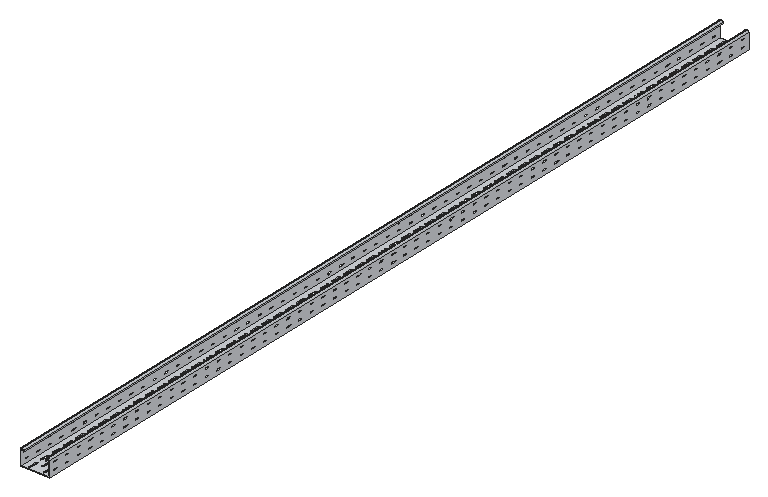
Revit family "Kabelrinne_610_FT_FS_A2_A4_FTSO", category Generic Models, Revit 2017 (continued)
Forms (mm)
  Extrusion 263, void
    sketch origin (0, -850, 0) x (1, 0, 0) y (0, 1, 0)
      loop
        arc (-3.5, -62.5) -> (0, -66) -> (3.5, -62.5) r 3.5
        line (3.5, -62.5) -> (3.5, -37.5)
        arc (3.5, -37.5) -> (0, -34) -> (-3.5, -37.5) r 3.5
        line (-3.5, -37.5) -> (-3.5, -62.5)
    from 1.5 to 0
  Extrusion 264, void
    sketch origin (0, -900, 0) x (1, 0, 0) y (0, 1, 0)
      loop
        arc (-3.5, -62.5) -> (0, -66) -> (3.5, -62.5) r 3.5
        line (3.5, -62.5) -> (3.5, -37.5)
        arc (3.5, -37.5) -> (0, -34) -> (-3.5, -37.5) r 3.5
        line (-3.5, -37.5) -> (-3.5, -62.5)
    from 1.5 to 0
  Extrusion 265, void
    sketch origin (0, -950, 0) x (1, 0, 0) y (0, 1, 0)
      loop
        arc (-3.5, -62.5) -> (0, -66) -> (3.5, -62.5) r 3.5
        line (3.5, -62.5) -> (3.5, -37.5)
        arc (3.5, -37.5) -> (0, -34) -> (-3.5, -37.5) r 3.5
        line (-3.5, -37.5) -> (-3.5, -62.5)
    from 1.5 to 0
  Extrusion 266, void
    sketch origin (0, -1000, 0) x (1, 0, 0) y (0, 1, 0)
      loop
        arc (-3.5, -62.5) -> (0, -66) -> (3.5, -62.5) r 3.5
        line (3.5, -62.5) -> (3.5, -37.5)
        arc (3.5, -37.5) -> (0, -34) -> (-3.5, -37.5) r 3.5
        line (-3.5, -37.5) -> (-3.5, -62.5)
    from 1.5 to 0
  Extrusion 267, void
    sketch origin (0, -1050, 0) x (1, 0, 0) y (0, 1, 0)
      loop
        arc (-3.5, -62.5) -> (0, -66) -> (3.5, -62.5) r 3.5
        line (3.5, -62.5) -> (3.5, -37.5)
        arc (3.5, -37.5) -> (0, -34) -> (-3.5, -37.5) r 3.5
        line (-3.5, -37.5) -> (-3.5, -62.5)
    from 1.5 to 0
  Extrusion 268, void
    sketch origin (0, -1100, 0) x (1, 0, 0) y (0, 1, 0)
      loop
        arc (-3.5, -62.5) -> (0, -66) -> (3.5, -62.5) r 3.5
        line (3.5, -62.5) -> (3.5, -37.5)
        arc (3.5, -37.5) -> (0, -34) -> (-3.5, -37.5) r 3.5
        line (-3.5, -37.5) -> (-3.5, -62.5)
    from 1.5 to 0
  Extrusion 269, void
    sketch origin (0, -1150, 0) x (1, 0, 0) y (0, 1, 0)
      loop
        arc (-3.5, -62.5) -> (0, -66) -> (3.5, -62.5) r 3.5
        line (3.5, -62.5) -> (3.5, -37.5)
        arc (3.5, -37.5) -> (0, -34) -> (-3.5, -37.5) r 3.5
        line (-3.5, -37.5) -> (-3.5, -62.5)
    from 1.5 to 0
  Extrusion 270, void
    sketch origin (0, -1200, 0) x (1, 0, 0) y (0, 1, 0)
      loop
        arc (-3.5, -62.5) -> (0, -66) -> (3.5, -62.5) r 3.5
        line (3.5, -62.5) -> (3.5, -37.5)
        arc (3.5, -37.5) -> (0, -34) -> (-3.5, -37.5) r 3.5
        line (-3.5, -37.5) -> (-3.5, -62.5)
    from 1.5 to 0
  Extrusion 271, void
    sketch origin (0, -1250, 0) x (1, 0, 0) y (0, 1, 0)
      loop
        arc (-3.5, -62.5) -> (0, -66) -> (3.5, -62.5) r 3.5
        line (3.5, -62.5) -> (3.5, -37.5)
        arc (3.5, -37.5) -> (0, -34) -> (-3.5, -37.5) r 3.5
        line (-3.5, -37.5) -> (-3.5, -62.5)
    from 1.5 to 0
  Extrusion 272, void
    sketch origin (0, -1300, 0) x (1, 0, 0) y (0, 1, 0)
      loop
        arc (-3.5, -62.5) -> (0, -66) -> (3.5, -62.5) r 3.5
        line (3.5, -62.5) -> (3.5, -37.5)
        arc (3.5, -37.5) -> (0, -34) -> (-3.5, -37.5) r 3.5
        line (-3.5, -37.5) -> (-3.5, -62.5)
    from 1.5 to 0
  Extrusion 273, void
    sketch origin (0, -1350, 0) x (1, 0, 0) y (0, 1, 0)
      loop
        arc (-3.5, -62.5) -> (0, -66) -> (3.5, -62.5) r 3.5
        line (3.5, -62.5) -> (3.5, -37.5)
        arc (3.5, -37.5) -> (0, -34) -> (-3.5, -37.5) r 3.5
        line (-3.5, -37.5) -> (-3.5, -62.5)
    from 1.5 to 0
  Extrusion 274, void
    sketch origin (0, -1400, 0) x (1, 0, 0) y (0, 1, 0)
      loop
        arc (-3.5, -62.5) -> (0, -66) -> (3.5, -62.5) r 3.5
        line (3.5, -62.5) -> (3.5, -37.5)
        arc (3.5, -37.5) -> (0, -34) -> (-3.5, -37.5) r 3.5
        line (-3.5, -37.5) -> (-3.5, -62.5)
    from 1.5 to 0
  Extrusion 275, void
    sketch origin (0, -1450, 0) x (1, 0, 0) y (0, 1, 0)
      loop
        arc (-3.5, -62.5) -> (0, -66) -> (3.5, -62.5) r 3.5
        line (3.5, -62.5) -> (3.5, -37.5)
        arc (3.5, -37.5) -> (0, -34) -> (-3.5, -37.5) r 3.5
        line (-3.5, -37.5) -> (-3.5, -62.5)
    from 1.5 to 0
  Extrusion 276, void
    sketch origin (0, -1500, 0) x (1, 0, 0) y (0, 1, 0)
      loop
        arc (-3.5, -62.5) -> (0, -66) -> (3.5, -62.5) r 3.5
        line (3.5, -62.5) -> (3.5, -37.5)
        arc (3.5, -37.5) -> (0, -34) -> (-3.5, -37.5) r 3.5
        line (-3.5, -37.5) -> (-3.5, -62.5)
    from 1.5 to 0
  Extrusion 277, void
    sketch origin (0, -1550, 0) x (1, 0, 0) y (0, 1, 0)
      loop
        arc (-3.5, -62.5) -> (0, -66) -> (3.5, -62.5) r 3.5
        line (3.5, -62.5) -> (3.5, -37.5)
        arc (3.5, -37.5) -> (0, -34) -> (-3.5, -37.5) r 3.5
        line (-3.5, -37.5) -> (-3.5, -62.5)
    from 1.5 to 0
  Extrusion 278, void
    sketch origin (0, -1600, 0) x (1, 0, 0) y (0, 1, 0)
      loop
        arc (-3.5, -62.5) -> (0, -66) -> (3.5, -62.5) r 3.5
        line (3.5, -62.5) -> (3.5, -37.5)
        arc (3.5, -37.5) -> (0, -34) -> (-3.5, -37.5) r 3.5
        line (-3.5, -37.5) -> (-3.5, -62.5)
    from 1.5 to 0
  Extrusion 279, void
    sketch origin (0, -1650, 0) x (1, 0, 0) y (0, 1, 0)
      loop
        arc (-3.5, -62.5) -> (0, -66) -> (3.5, -62.5) r 3.5
        line (3.5, -62.5) -> (3.5, -37.5)
        arc (3.5, -37.5) -> (0, -34) -> (-3.5, -37.5) r 3.5
        line (-3.5, -37.5) -> (-3.5, -62.5)
    from 1.5 to 0
  Extrusion 280, void
    sketch origin (0, -1700, 0) x (1, 0, 0) y (0, 1, 0)
      loop
        arc (-3.5, -62.5) -> (0, -66) -> (3.5, -62.5) r 3.5
        line (3.5, -62.5) -> (3.5, -37.5)
        arc (3.5, -37.5) -> (0, -34) -> (-3.5, -37.5) r 3.5
        line (-3.5, -37.5) -> (-3.5, -62.5)
    from 1.5 to 0
  Extrusion 281, void
    sketch origin (0, -1750, 0) x (1, 0, 0) y (0, 1, 0)
      loop
        arc (-3.5, -62.5) -> (0, -66) -> (3.5, -62.5) r 3.5
        line (3.5, -62.5) -> (3.5, -37.5)
        arc (3.5, -37.5) -> (0, -34) -> (-3.5, -37.5) r 3.5
        line (-3.5, -37.5) -> (-3.5, -62.5)
    from 1.5 to 0
  Extrusion 282, void
    sketch origin (0, -1800, 0) x (1, 0, 0) y (0, 1, 0)
      loop
        arc (-3.5, -62.5) -> (0, -66) -> (3.5, -62.5) r 3.5
        line (3.5, -62.5) -> (3.5, -37.5)
        arc (3.5, -37.5) -> (0, -34) -> (-3.5, -37.5) r 3.5
        line (-3.5, -37.5) -> (-3.5, -62.5)
    from 1.5 to 0
  Extrusion 283, void
    sketch origin (0, -1850, 0) x (1, 0, 0) y (0, 1, 0)
      loop
        arc (-3.5, -62.5) -> (0, -66) -> (3.5, -62.5) r 3.5
        line (3.5, -62.5) -> (3.5, -37.5)
        arc (3.5, -37.5) -> (0, -34) -> (-3.5, -37.5) r 3.5
        line (-3.5, -37.5) -> (-3.5, -62.5)
    from 1.5 to 0
  Extrusion 284, void
    sketch origin (0, -1900, 0) x (1, 0, 0) y (0, 1, 0)
      loop
        arc (-3.5, -62.5) -> (0, -66) -> (3.5, -62.5) r 3.5
        line (3.5, -62.5) -> (3.5, -37.5)
        arc (3.5, -37.5) -> (0, -34) -> (-3.5, -37.5) r 3.5
        line (-3.5, -37.5) -> (-3.5, -62.5)
    from 1.5 to 0
  Extrusion 285, void
    sketch origin (0, -1950, 0) x (1, 0, 0) y (0, 1, 0)
      loop
        arc (-3.5, -62.5) -> (0, -66) -> (3.5, -62.5) r 3.5
        line (3.5, -62.5) -> (3.5, -37.5)
        arc (3.5, -37.5) -> (0, -34) -> (-3.5, -37.5) r 3.5
        line (-3.5, -37.5) -> (-3.5, -62.5)
    from 1.5 to 0
  Extrusion 286, void
    sketch origin (0, -2000, 0) x (1, 0, 0) y (0, 1, 0)
      loop
        arc (-3.5, -62.5) -> (0, -66) -> (3.5, -62.5) r 3.5
        line (3.5, -62.5) -> (3.5, -37.5)
        arc (3.5, -37.5) -> (0, -34) -> (-3.5, -37.5) r 3.5
        line (-3.5, -37.5) -> (-3.5, -62.5)
    from 1.5 to 0
  Extrusion 287, void
    sketch origin (0, -2050, 0) x (1, 0, 0) y (0, 1, 0)
      loop
        arc (-3.5, -62.5) -> (0, -66) -> (3.5, -62.5) r 3.5
        line (3.5, -62.5) -> (3.5, -37.5)
        arc (3.5, -37.5) -> (0, -34) -> (-3.5, -37.5) r 3.5
        line (-3.5, -37.5) -> (-3.5, -62.5)
    from 1.5 to 0
  Extrusion 288, void
    sketch origin (0, -2100, 0) x (1, 0, 0) y (0, 1, 0)
      loop
        arc (-3.5, -62.5) -> (0, -66) -> (3.5, -62.5) r 3.5
        line (3.5, -62.5) -> (3.5, -37.5)
        arc (3.5, -37.5) -> (0, -34) -> (-3.5, -37.5) r 3.5
        line (-3.5, -37.5) -> (-3.5, -62.5)
    from 1.5 to 0
  Extrusion 289, void
    sketch origin (0, -2150, 0) x (1, 0, 0) y (0, 1, 0)
      loop
        arc (-3.5, -62.5) -> (0, -66) -> (3.5, -62.5) r 3.5
        line (3.5, -62.5) -> (3.5, -37.5)
        arc (3.5, -37.5) -> (0, -34) -> (-3.5, -37.5) r 3.5
        line (-3.5, -37.5) -> (-3.5, -62.5)
    from 1.5 to 0
  Extrusion 290, void
    sketch origin (0, -2200, 0) x (1, 0, 0) y (0, 1, 0)
      loop
        arc (-3.5, -62.5) -> (0, -66) -> (3.5, -62.5) r 3.5
        line (3.5, -62.5) -> (3.5, -37.5)
        arc (3.5, -37.5) -> (0, -34) -> (-3.5, -37.5) r 3.5
        line (-3.5, -37.5) -> (-3.5, -62.5)
    from 1.5 to 0
  Extrusion 291, void
    sketch origin (0, -2250, 0) x (1, 0, 0) y (0, 1, 0)
      loop
        arc (-3.5, -62.5) -> (0, -66) -> (3.5, -62.5) r 3.5
        line (3.5, -62.5) -> (3.5, -37.5)
        arc (3.5, -37.5) -> (0, -34) -> (-3.5, -37.5) r 3.5
        line (-3.5, -37.5) -> (-3.5, -62.5)
    from 1.5 to 0
  Extrusion 292, void
    sketch origin (0, -2300, 0) x (1, 0, 0) y (0, 1, 0)
      loop
        arc (-3.5, -62.5) -> (0, -66) -> (3.5, -62.5) r 3.5
        line (3.5, -62.5) -> (3.5, -37.5)
        arc (3.5, -37.5) -> (0, -34) -> (-3.5, -37.5) r 3.5
        line (-3.5, -37.5) -> (-3.5, -62.5)
    from 1.5 to 0
  Extrusion 293, void
    sketch origin (0, -2350, 0) x (1, 0, 0) y (0, 1, 0)
      loop
        arc (-3.5, -62.5) -> (0, -66) -> (3.5, -62.5) r 3.5
        line (3.5, -62.5) -> (3.5, -37.5)
        arc (3.5, -37.5) -> (0, -34) -> (-3.5, -37.5) r 3.5
        line (-3.5, -37.5) -> (-3.5, -62.5)
    from 1.5 to 0
  Extrusion 294, void
    sketch origin (0, -2400, 0) x (1, 0, 0) y (0, 1, 0)
      loop
        arc (-3.5, -62.5) -> (0, -66) -> (3.5, -62.5) r 3.5
        line (3.5, -62.5) -> (3.5, -37.5)
        arc (3.5, -37.5) -> (0, -34) -> (-3.5, -37.5) r 3.5
        line (-3.5, -37.5) -> (-3.5, -62.5)
    from 1.5 to 0
  Extrusion 295, void
    sketch origin (0, -2450, 0) x (1, 0, 0) y (0, 1, 0)
      loop
        arc (-3.5, -62.5) -> (0, -66) -> (3.5, -62.5) r 3.5
        line (3.5, -62.5) -> (3.5, -37.5)
        arc (3.5, -37.5) -> (0, -34) -> (-3.5, -37.5) r 3.5
        line (-3.5, -37.5) -> (-3.5, -62.5)
    from 1.5 to 0
  Extrusion 296, void
    sketch origin (0, -2500, 0) x (1, 0, 0) y (0, 1, 0)
      loop
        arc (-3.5, -62.5) -> (0, -66) -> (3.5, -62.5) r 3.5
        line (3.5, -62.5) -> (3.5, -37.5)
        arc (3.5, -37.5) -> (0, -34) -> (-3.5, -37.5) r 3.5
        line (-3.5, -37.5) -> (-3.5, -62.5)
    from 1.5 to 0
  Extrusion 297, void
    sketch origin (0, -2550, 0) x (1, 0, 0) y (0, 1, 0)
      loop
        arc (-3.5, -62.5) -> (0, -66) -> (3.5, -62.5) r 3.5
        line (3.5, -62.5) -> (3.5, -37.5)
        arc (3.5, -37.5) -> (0, -34) -> (-3.5, -37.5) r 3.5
        line (-3.5, -37.5) -> (-3.5, -62.5)
    from 1.5 to 0
  Extrusion 298, void
    sketch origin (0, -2600, 0) x (1, 0, 0) y (0, 1, 0)
      loop
        arc (-3.5, -62.5) -> (0, -66) -> (3.5, -62.5) r 3.5
        line (3.5, -62.5) -> (3.5, -37.5)
        arc (3.5, -37.5) -> (0, -34) -> (-3.5, -37.5) r 3.5
        line (-3.5, -37.5) -> (-3.5, -62.5)
    from 1.5 to 0
  Extrusion 299, void
    sketch origin (0, -2650, 0) x (1, 0, 0) y (0, 1, 0)
      loop
        arc (-3.5, -62.5) -> (0, -66) -> (3.5, -62.5) r 3.5
        line (3.5, -62.5) -> (3.5, -37.5)
        arc (3.5, -37.5) -> (0, -34) -> (-3.5, -37.5) r 3.5
        line (-3.5, -37.5) -> (-3.5, -62.5)
    from 1.5 to 0
  Extrusion 300, void
    sketch origin (0, -2700, 0) x (1, 0, 0) y (0, 1, 0)
      loop
        arc (-3.5, -62.5) -> (0, -66) -> (3.5, -62.5) r 3.5
        line (3.5, -62.5) -> (3.5, -37.5)
        arc (3.5, -37.5) -> (0, -34) -> (-3.5, -37.5) r 3.5
        line (-3.5, -37.5) -> (-3.5, -62.5)
    from 1.5 to 0
  Extrusion 301, void
    sketch origin (0, -2750, 0) x (1, 0, 0) y (0, 1, 0)
      loop
        arc (-3.5, -62.5) -> (0, -66) -> (3.5, -62.5) r 3.5
        line (3.5, -62.5) -> (3.5, -37.5)
        arc (3.5, -37.5) -> (0, -34) -> (-3.5, -37.5) r 3.5
        line (-3.5, -37.5) -> (-3.5, -62.5)
    from 1.5 to 0
  Extrusion 302, void
    sketch origin (0, -2800, 0) x (1, 0, 0) y (0, 1, 0)
      loop
        arc (-3.5, -62.5) -> (0, -66) -> (3.5, -62.5) r 3.5
        line (3.5, -62.5) -> (3.5, -37.5)
        arc (3.5, -37.5) -> (0, -34) -> (-3.5, -37.5) r 3.5
        line (-3.5, -37.5) -> (-3.5, -62.5)
    from 1.5 to 0
  Extrusion 303, void
    sketch origin (0, -2850, 0) x (1, 0, 0) y (0, 1, 0)
      loop
        arc (-3.5, -62.5) -> (0, -66) -> (3.5, -62.5) r 3.5
        line (3.5, -62.5) -> (3.5, -37.5)
        arc (3.5, -37.5) -> (0, -34) -> (-3.5, -37.5) r 3.5
        line (-3.5, -37.5) -> (-3.5, -62.5)
    from 1.5 to 0
  Extrusion 304, void
    sketch origin (0, -2900, 0) x (1, 0, 0) y (0, 1, 0)
      loop
        arc (-3.5, -62.5) -> (0, -66) -> (3.5, -62.5) r 3.5
        line (3.5, -62.5) -> (3.5, -37.5)
        arc (3.5, -37.5) -> (0, -34) -> (-3.5, -37.5) r 3.5
        line (-3.5, -37.5) -> (-3.5, -62.5)
    from 1.5 to 0
  Extrusion 305, void
    sketch origin (0, 0, 0) x (1, 0, 0) y (0, 1, 0)
      loop
        arc (-28.5, -37.5) -> (-25, -41) -> (-21.5, -37.5) r 3.5
        line (-21.5, -37.5) -> (-21.5, -12.5)
        arc (-21.5, -12.5) -> (-25, -9) -> (-28.5, -12.5) r 3.5
        line (-28.5, -12.5) -> (-28.5, -37.5)
    from 0.015 to 1.5
  Extrusion 306, void
    sketch origin (50, 0, 0) x (1, 0, 0) y (0, 1, 0)
      loop
        arc (-28.5, -37.5) -> (-25, -41) -> (-21.5, -37.5) r 3.5
        line (-21.5, -37.5) -> (-21.5, -12.5)
        arc (-21.5, -12.5) -> (-25, -9) -> (-28.5, -12.5) r 3.5
        line (-28.5, -12.5) -> (-28.5, -37.5)
    from 0.015 to 1.5
  Extrusion 307, void, not visible
    sketch origin (0, 0, 0) x (1, 0, 0) y (0, 1, 0)
      loop
        arc (-28.5, -37.5) -> (-25, -41) -> (-21.5, -37.5) r 3.5
        line (-21.5, -37.5) -> (-21.5, -12.5)
        arc (-21.5, -12.5) -> (-25, -9) -> (-28.5, -12.5) r 3.5
        line (-28.5, -12.5) -> (-28.5, -37.5)
    from 0.015 to 1.5
  Extrusion 308, void
    sketch origin (0, -50, 0) x (1, 0, 0) y (0, 1, 0)
      loop
        arc (-28.5, -37.5) -> (-25, -41) -> (-21.5, -37.5) r 3.5
        line (-21.5, -37.5) -> (-21.5, -12.5)
        arc (-21.5, -12.5) -> (-25, -9) -> (-28.5, -12.5) r 3.5
        line (-28.5, -12.5) -> (-28.5, -37.5)
    from 0.015 to 1.5
  Extrusion 309, void
    sketch origin (50, -50, 0) x (1, 0, 0) y (0, 1, 0)
      loop
        arc (-28.5, -37.5) -> (-25, -41) -> (-21.5, -37.5) r 3.5
        line (-21.5, -37.5) -> (-21.5, -12.5)
        arc (-21.5, -12.5) -> (-25, -9) -> (-28.5, -12.5) r 3.5
        line (-28.5, -12.5) -> (-28.5, -37.5)
    from 0.015 to 1.5
  Extrusion 310, void
    sketch origin (0, -100, 0) x (1, 0, 0) y (0, 1, 0)
      loop
        arc (-28.5, -37.5) -> (-25, -41) -> (-21.5, -37.5) r 3.5
        line (-21.5, -37.5) -> (-21.5, -12.5)
        arc (-21.5, -12.5) -> (-25, -9) -> (-28.5, -12.5) r 3.5
        line (-28.5, -12.5) -> (-28.5, -37.5)
    from 0.015 to 1.5
  Extrusion 311, void
    sketch origin (50, -100, 0) x (1, 0, 0) y (0, 1, 0)
      loop
        arc (-28.5, -37.5) -> (-25, -41) -> (-21.5, -37.5) r 3.5
        line (-21.5, -37.5) -> (-21.5, -12.5)
        arc (-21.5, -12.5) -> (-25, -9) -> (-28.5, -12.5) r 3.5
        line (-28.5, -12.5) -> (-28.5, -37.5)
    from 0.015 to 1.5
  Extrusion 312, void
    sketch origin (0, -150, 0) x (1, 0, 0) y (0, 1, 0)
      loop
        arc (-28.5, -37.5) -> (-25, -41) -> (-21.5, -37.5) r 3.5
        line (-21.5, -37.5) -> (-21.5, -12.5)
        arc (-21.5, -12.5) -> (-25, -9) -> (-28.5, -12.5) r 3.5
        line (-28.5, -12.5) -> (-28.5, -37.5)
    from 0.015 to 1.5
  Extrusion 313, void
    sketch origin (50, -150, 0) x (1, 0, 0) y (0, 1, 0)
      loop
        arc (-28.5, -37.5) -> (-25, -41) -> (-21.5, -37.5) r 3.5
        line (-21.5, -37.5) -> (-21.5, -12.5)
        arc (-21.5, -12.5) -> (-25, -9) -> (-28.5, -12.5) r 3.5
        line (-28.5, -12.5) -> (-28.5, -37.5)
    from 0.015 to 1.5
  Extrusion 314, void
    sketch origin (0, -200, 0) x (1, 0, 0) y (0, 1, 0)
      loop
        arc (-28.5, -37.5) -> (-25, -41) -> (-21.5, -37.5) r 3.5
        line (-21.5, -37.5) -> (-21.5, -12.5)
        arc (-21.5, -12.5) -> (-25, -9) -> (-28.5, -12.5) r 3.5
        line (-28.5, -12.5) -> (-28.5, -37.5)
    from 0.015 to 1.5
  Extrusion 315, void
    sketch origin (50, -200, 0) x (1, 0, 0) y (0, 1, 0)
      loop
        arc (-28.5, -37.5) -> (-25, -41) -> (-21.5, -37.5) r 3.5
        line (-21.5, -37.5) -> (-21.5, -12.5)
        arc (-21.5, -12.5) -> (-25, -9) -> (-28.5, -12.5) r 3.5
        line (-28.5, -12.5) -> (-28.5, -37.5)
    from 0.015 to 1.5
  Extrusion 316, void
    sketch origin (0, -250, 0) x (1, 0, 0) y (0, 1, 0)
      loop
        arc (-28.5, -37.5) -> (-25, -41) -> (-21.5, -37.5) r 3.5
        line (-21.5, -37.5) -> (-21.5, -12.5)
        arc (-21.5, -12.5) -> (-25, -9) -> (-28.5, -12.5) r 3.5
        line (-28.5, -12.5) -> (-28.5, -37.5)
    from 0.015 to 1.5
  Extrusion 317, void
    sketch origin (50, -250, 0) x (1, 0, 0) y (0, 1, 0)
      loop
        arc (-28.5, -37.5) -> (-25, -41) -> (-21.5, -37.5) r 3.5
        line (-21.5, -37.5) -> (-21.5, -12.5)
        arc (-21.5, -12.5) -> (-25, -9) -> (-28.5, -12.5) r 3.5
        line (-28.5, -12.5) -> (-28.5, -37.5)
    from 0.015 to 1.5
  Extrusion 318, void
    sketch origin (0, -300, 0) x (1, 0, 0) y (0, 1, 0)
      loop
        arc (-28.5, -37.5) -> (-25, -41) -> (-21.5, -37.5) r 3.5
        line (-21.5, -37.5) -> (-21.5, -12.5)
        arc (-21.5, -12.5) -> (-25, -9) -> (-28.5, -12.5) r 3.5
        line (-28.5, -12.5) -> (-28.5, -37.5)
    from 0.015 to 1.5
  Extrusion 319, void
    sketch origin (50, -300, 0) x (1, 0, 0) y (0, 1, 0)
      loop
        arc (-28.5, -37.5) -> (-25, -41) -> (-21.5, -37.5) r 3.5
        line (-21.5, -37.5) -> (-21.5, -12.5)
        arc (-21.5, -12.5) -> (-25, -9) -> (-28.5, -12.5) r 3.5
        line (-28.5, -12.5) -> (-28.5, -37.5)
    from 0.015 to 1.5
  Extrusion 320, void
    sketch origin (0, -350, 0) x (1, 0, 0) y (0, 1, 0)
      loop
        arc (-28.5, -37.5) -> (-25, -41) -> (-21.5, -37.5) r 3.5
        line (-21.5, -37.5) -> (-21.5, -12.5)
        arc (-21.5, -12.5) -> (-25, -9) -> (-28.5, -12.5) r 3.5
        line (-28.5, -12.5) -> (-28.5, -37.5)
    from 0.015 to 1.5
  Extrusion 321, void
    sketch origin (50, -350, 0) x (1, 0, 0) y (0, 1, 0)
      loop
        arc (-28.5, -37.5) -> (-25, -41) -> (-21.5, -37.5) r 3.5
        line (-21.5, -37.5) -> (-21.5, -12.5)
        arc (-21.5, -12.5) -> (-25, -9) -> (-28.5, -12.5) r 3.5
        line (-28.5, -12.5) -> (-28.5, -37.5)
    from 0.015 to 1.5
  Extrusion 322, void
    sketch origin (0, -400, 0) x (1, 0, 0) y (0, 1, 0)
      loop
        arc (-28.5, -37.5) -> (-25, -41) -> (-21.5, -37.5) r 3.5
        line (-21.5, -37.5) -> (-21.5, -12.5)
        arc (-21.5, -12.5) -> (-25, -9) -> (-28.5, -12.5) r 3.5
        line (-28.5, -12.5) -> (-28.5, -37.5)
    from 0.015 to 1.5
  Extrusion 323, void
    sketch origin (50, -400, 0) x (1, 0, 0) y (0, 1, 0)
      loop
        arc (-28.5, -37.5) -> (-25, -41) -> (-21.5, -37.5) r 3.5
        line (-21.5, -37.5) -> (-21.5, -12.5)
        arc (-21.5, -12.5) -> (-25, -9) -> (-28.5, -12.5) r 3.5
        line (-28.5, -12.5) -> (-28.5, -37.5)
    from 0.015 to 1.5
  Extrusion 324, void
    sketch origin (0, -450, 0) x (1, 0, 0) y (0, 1, 0)
      loop
        arc (-28.5, -37.5) -> (-25, -41) -> (-21.5, -37.5) r 3.5
        line (-21.5, -37.5) -> (-21.5, -12.5)
        arc (-21.5, -12.5) -> (-25, -9) -> (-28.5, -12.5) r 3.5
        line (-28.5, -12.5) -> (-28.5, -37.5)
    from 0.015 to 1.5
  Extrusion 325, void
    sketch origin (50, -450, 0) x (1, 0, 0) y (0, 1, 0)
      loop
        arc (-28.5, -37.5) -> (-25, -41) -> (-21.5, -37.5) r 3.5
        line (-21.5, -37.5) -> (-21.5, -12.5)
        arc (-21.5, -12.5) -> (-25, -9) -> (-28.5, -12.5) r 3.5
        line (-28.5, -12.5) -> (-28.5, -37.5)
    from 0.015 to 1.5
  Extrusion 326, void
    sketch origin (0, -500, 0) x (1, 0, 0) y (0, 1, 0)
      loop
        arc (-28.5, -37.5) -> (-25, -41) -> (-21.5, -37.5) r 3.5
        line (-21.5, -37.5) -> (-21.5, -12.5)
        arc (-21.5, -12.5) -> (-25, -9) -> (-28.5, -12.5) r 3.5
        line (-28.5, -12.5) -> (-28.5, -37.5)
    from 0.015 to 1.5
  Extrusion 327, void
    sketch origin (50, -500, 0) x (1, 0, 0) y (0, 1, 0)
      loop
        arc (-28.5, -37.5) -> (-25, -41) -> (-21.5, -37.5) r 3.5
        line (-21.5, -37.5) -> (-21.5, -12.5)
        arc (-21.5, -12.5) -> (-25, -9) -> (-28.5, -12.5) r 3.5
        line (-28.5, -12.5) -> (-28.5, -37.5)
    from 0.015 to 1.5
  Extrusion 328, void
    sketch origin (0, -550, 0) x (1, 0, 0) y (0, 1, 0)
      loop
        arc (-28.5, -37.5) -> (-25, -41) -> (-21.5, -37.5) r 3.5
        line (-21.5, -37.5) -> (-21.5, -12.5)
        arc (-21.5, -12.5) -> (-25, -9) -> (-28.5, -12.5) r 3.5
        line (-28.5, -12.5) -> (-28.5, -37.5)
    from 0.015 to 1.5
  Extrusion 329, void
    sketch origin (50, -550, 0) x (1, 0, 0) y (0, 1, 0)
      loop
        arc (-28.5, -37.5) -> (-25, -41) -> (-21.5, -37.5) r 3.5
        line (-21.5, -37.5) -> (-21.5, -12.5)
        arc (-21.5, -12.5) -> (-25, -9) -> (-28.5, -12.5) r 3.5
        line (-28.5, -12.5) -> (-28.5, -37.5)
    from 0.015 to 1.5
  Extrusion 330, void
    sketch origin (0, -600, 0) x (1, 0, 0) y (0, 1, 0)
      loop
        arc (-28.5, -37.5) -> (-25, -41) -> (-21.5, -37.5) r 3.5
        line (-21.5, -37.5) -> (-21.5, -12.5)
        arc (-21.5, -12.5) -> (-25, -9) -> (-28.5, -12.5) r 3.5
        line (-28.5, -12.5) -> (-28.5, -37.5)
    from 0.015 to 1.5
  Extrusion 331, void
    sketch origin (50, -600, 0) x (1, 0, 0) y (0, 1, 0)
      loop
        arc (-28.5, -37.5) -> (-25, -41) -> (-21.5, -37.5) r 3.5
        line (-21.5, -37.5) -> (-21.5, -12.5)
        arc (-21.5, -12.5) -> (-25, -9) -> (-28.5, -12.5) r 3.5
        line (-28.5, -12.5) -> (-28.5, -37.5)
    from 0.015 to 1.5
  Extrusion 332, void
    sketch origin (0, -650, 0) x (1, 0, 0) y (0, 1, 0)
      loop
        arc (-28.5, -37.5) -> (-25, -41) -> (-21.5, -37.5) r 3.5
        line (-21.5, -37.5) -> (-21.5, -12.5)
        arc (-21.5, -12.5) -> (-25, -9) -> (-28.5, -12.5) r 3.5
        line (-28.5, -12.5) -> (-28.5, -37.5)
    from 0.015 to 1.5
  Extrusion 333, void
    sketch origin (50, -650, 0) x (1, 0, 0) y (0, 1, 0)
      loop
        arc (-28.5, -37.5) -> (-25, -41) -> (-21.5, -37.5) r 3.5
        line (-21.5, -37.5) -> (-21.5, -12.5)
        arc (-21.5, -12.5) -> (-25, -9) -> (-28.5, -12.5) r 3.5
        line (-28.5, -12.5) -> (-28.5, -37.5)
    from 0.015 to 1.5
  Extrusion 334, void
    sketch origin (0, -700, 0) x (1, 0, 0) y (0, 1, 0)
      loop
        arc (-28.5, -37.5) -> (-25, -41) -> (-21.5, -37.5) r 3.5
        line (-21.5, -37.5) -> (-21.5, -12.5)
        arc (-21.5, -12.5) -> (-25, -9) -> (-28.5, -12.5) r 3.5
        line (-28.5, -12.5) -> (-28.5, -37.5)
    from 0.015 to 1.5
  Extrusion 335, void
    sketch origin (50, -700, 0) x (1, 0, 0) y (0, 1, 0)
      loop
        arc (-28.5, -37.5) -> (-25, -41) -> (-21.5, -37.5) r 3.5
        line (-21.5, -37.5) -> (-21.5, -12.5)
        arc (-21.5, -12.5) -> (-25, -9) -> (-28.5, -12.5) r 3.5
        line (-28.5, -12.5) -> (-28.5, -37.5)
    from 0.015 to 1.5
  Extrusion 336, void
    sketch origin (0, -750, 0) x (1, 0, 0) y (0, 1, 0)
      loop
        arc (-28.5, -37.5) -> (-25, -41) -> (-21.5, -37.5) r 3.5
        line (-21.5, -37.5) -> (-21.5, -12.5)
        arc (-21.5, -12.5) -> (-25, -9) -> (-28.5, -12.5) r 3.5
        line (-28.5, -12.5) -> (-28.5, -37.5)
    from 0.015 to 1.5
  Extrusion 337, void
    sketch origin (50, -750, 0) x (1, 0, 0) y (0, 1, 0)
      loop
        arc (-28.5, -37.5) -> (-25, -41) -> (-21.5, -37.5) r 3.5
        line (-21.5, -37.5) -> (-21.5, -12.5)
        arc (-21.5, -12.5) -> (-25, -9) -> (-28.5, -12.5) r 3.5
        line (-28.5, -12.5) -> (-28.5, -37.5)
    from 0.015 to 1.5
  Extrusion 338, void
    sketch origin (0, -800, 0) x (1, 0, 0) y (0, 1, 0)
      loop
        arc (-28.5, -37.5) -> (-25, -41) -> (-21.5, -37.5) r 3.5
        line (-21.5, -37.5) -> (-21.5, -12.5)
        arc (-21.5, -12.5) -> (-25, -9) -> (-28.5, -12.5) r 3.5
        line (-28.5, -12.5) -> (-28.5, -37.5)
    from 0.015 to 1.5
  Extrusion 339, void
    sketch origin (50, -800, 0) x (1, 0, 0) y (0, 1, 0)
      loop
        arc (-28.5, -37.5) -> (-25, -41) -> (-21.5, -37.5) r 3.5
        line (-21.5, -37.5) -> (-21.5, -12.5)
        arc (-21.5, -12.5) -> (-25, -9) -> (-28.5, -12.5) r 3.5
        line (-28.5, -12.5) -> (-28.5, -37.5)
    from 0.015 to 1.5
  Extrusion 340, void
    sketch origin (0, -850, 0) x (1, 0, 0) y (0, 1, 0)
      loop
        arc (-28.5, -37.5) -> (-25, -41) -> (-21.5, -37.5) r 3.5
        line (-21.5, -37.5) -> (-21.5, -12.5)
        arc (-21.5, -12.5) -> (-25, -9) -> (-28.5, -12.5) r 3.5
        line (-28.5, -12.5) -> (-28.5, -37.5)
    from 0.015 to 1.5
  Extrusion 341, void
    sketch origin (50, -850, 0) x (1, 0, 0) y (0, 1, 0)
      loop
        arc (-28.5, -37.5) -> (-25, -41) -> (-21.5, -37.5) r 3.5
        line (-21.5, -37.5) -> (-21.5, -12.5)
        arc (-21.5, -12.5) -> (-25, -9) -> (-28.5, -12.5) r 3.5
        line (-28.5, -12.5) -> (-28.5, -37.5)
    from 0.015 to 1.5
  Extrusion 342, void
    sketch origin (0, -900, 0) x (1, 0, 0) y (0, 1, 0)
      loop
        arc (-28.5, -37.5) -> (-25, -41) -> (-21.5, -37.5) r 3.5
        line (-21.5, -37.5) -> (-21.5, -12.5)
        arc (-21.5, -12.5) -> (-25, -9) -> (-28.5, -12.5) r 3.5
        line (-28.5, -12.5) -> (-28.5, -37.5)
    from 0.015 to 1.5
  Extrusion 343, void
    sketch origin (50, -900, 0) x (1, 0, 0) y (0, 1, 0)
      loop
        arc (-28.5, -37.5) -> (-25, -41) -> (-21.5, -37.5) r 3.5
        line (-21.5, -37.5) -> (-21.5, -12.5)
        arc (-21.5, -12.5) -> (-25, -9) -> (-28.5, -12.5) r 3.5
        line (-28.5, -12.5) -> (-28.5, -37.5)
    from 0.015 to 1.5
  Extrusion 344, void
    sketch origin (0, -950, 0) x (1, 0, 0) y (0, 1, 0)
      loop
        arc (-28.5, -37.5) -> (-25, -41) -> (-21.5, -37.5) r 3.5
        line (-21.5, -37.5) -> (-21.5, -12.5)
        arc (-21.5, -12.5) -> (-25, -9) -> (-28.5, -12.5) r 3.5
        line (-28.5, -12.5) -> (-28.5, -37.5)
    from 0.015 to 1.5
  Extrusion 345, void
    sketch origin (50, -950, 0) x (1, 0, 0) y (0, 1, 0)
      loop
        arc (-28.5, -37.5) -> (-25, -41) -> (-21.5, -37.5) r 3.5
        line (-21.5, -37.5) -> (-21.5, -12.5)
        arc (-21.5, -12.5) -> (-25, -9) -> (-28.5, -12.5) r 3.5
        line (-28.5, -12.5) -> (-28.5, -37.5)
    from 0.015 to 1.5
  Extrusion 346, void
    sketch origin (0, -1000, 0) x (1, 0, 0) y (0, 1, 0)
      loop
        arc (-28.5, -37.5) -> (-25, -41) -> (-21.5, -37.5) r 3.5
        line (-21.5, -37.5) -> (-21.5, -12.5)
        arc (-21.5, -12.5) -> (-25, -9) -> (-28.5, -12.5) r 3.5
        line (-28.5, -12.5) -> (-28.5, -37.5)
    from 0.015 to 1.5
  Extrusion 347, void
    sketch origin (50, -1000, 0) x (1, 0, 0) y (0, 1, 0)
      loop
        arc (-28.5, -37.5) -> (-25, -41) -> (-21.5, -37.5) r 3.5
        line (-21.5, -37.5) -> (-21.5, -12.5)
        arc (-21.5, -12.5) -> (-25, -9) -> (-28.5, -12.5) r 3.5
        line (-28.5, -12.5) -> (-28.5, -37.5)
    from 0.015 to 1.5
  Extrusion 348, void
    sketch origin (0, -1050, 0) x (1, 0, 0) y (0, 1, 0)
      loop
        arc (-28.5, -37.5) -> (-25, -41) -> (-21.5, -37.5) r 3.5
        line (-21.5, -37.5) -> (-21.5, -12.5)
        arc (-21.5, -12.5) -> (-25, -9) -> (-28.5, -12.5) r 3.5
        line (-28.5, -12.5) -> (-28.5, -37.5)
    from 0.015 to 1.5
  Extrusion 349, void
    sketch origin (50, -1050, 0) x (1, 0, 0) y (0, 1, 0)
      loop
        arc (-28.5, -37.5) -> (-25, -41) -> (-21.5, -37.5) r 3.5
        line (-21.5, -37.5) -> (-21.5, -12.5)
        arc (-21.5, -12.5) -> (-25, -9) -> (-28.5, -12.5) r 3.5
        line (-28.5, -12.5) -> (-28.5, -37.5)
    from 0.015 to 1.5
  Extrusion 350, void
    sketch origin (0, -1100, 0) x (1, 0, 0) y (0, 1, 0)
      loop
        arc (-28.5, -37.5) -> (-25, -41) -> (-21.5, -37.5) r 3.5
        line (-21.5, -37.5) -> (-21.5, -12.5)
        arc (-21.5, -12.5) -> (-25, -9) -> (-28.5, -12.5) r 3.5
        line (-28.5, -12.5) -> (-28.5, -37.5)
    from 0.015 to 1.5
  Extrusion 351, void
    sketch origin (50, -1100, 0) x (1, 0, 0) y (0, 1, 0)
      loop
        arc (-28.5, -37.5) -> (-25, -41) -> (-21.5, -37.5) r 3.5
        line (-21.5, -37.5) -> (-21.5, -12.5)
        arc (-21.5, -12.5) -> (-25, -9) -> (-28.5, -12.5) r 3.5
        line (-28.5, -12.5) -> (-28.5, -37.5)
    from 0.015 to 1.5
  Extrusion 352, void
    sketch origin (0, -1150, 0) x (1, 0, 0) y (0, 1, 0)
      loop
        arc (-28.5, -37.5) -> (-25, -41) -> (-21.5, -37.5) r 3.5
        line (-21.5, -37.5) -> (-21.5, -12.5)
        arc (-21.5, -12.5) -> (-25, -9) -> (-28.5, -12.5) r 3.5
        line (-28.5, -12.5) -> (-28.5, -37.5)
    from 0.015 to 1.5
  Extrusion 353, void
    sketch origin (50, -1150, 0) x (1, 0, 0) y (0, 1, 0)
      loop
        arc (-28.5, -37.5) -> (-25, -41) -> (-21.5, -37.5) r 3.5
        line (-21.5, -37.5) -> (-21.5, -12.5)
        arc (-21.5, -12.5) -> (-25, -9) -> (-28.5, -12.5) r 3.5
        line (-28.5, -12.5) -> (-28.5, -37.5)
    from 0.015 to 1.5
  Extrusion 354, void
    sketch origin (0, -1200, 0) x (1, 0, 0) y (0, 1, 0)
      loop
        arc (-28.5, -37.5) -> (-25, -41) -> (-21.5, -37.5) r 3.5
        line (-21.5, -37.5) -> (-21.5, -12.5)
        arc (-21.5, -12.5) -> (-25, -9) -> (-28.5, -12.5) r 3.5
        line (-28.5, -12.5) -> (-28.5, -37.5)
    from 0.015 to 1.5
  Extrusion 355, void
    sketch origin (50, -1200, 0) x (1, 0, 0) y (0, 1, 0)
      loop
        arc (-28.5, -37.5) -> (-25, -41) -> (-21.5, -37.5) r 3.5
        line (-21.5, -37.5) -> (-21.5, -12.5)
        arc (-21.5, -12.5) -> (-25, -9) -> (-28.5, -12.5) r 3.5
        line (-28.5, -12.5) -> (-28.5, -37.5)
    from 0.015 to 1.5
  Extrusion 356, void
    sketch origin (0, -1250, 0) x (1, 0, 0) y (0, 1, 0)
      loop
        arc (-28.5, -37.5) -> (-25, -41) -> (-21.5, -37.5) r 3.5
        line (-21.5, -37.5) -> (-21.5, -12.5)
        arc (-21.5, -12.5) -> (-25, -9) -> (-28.5, -12.5) r 3.5
        line (-28.5, -12.5) -> (-28.5, -37.5)
    from 0.015 to 1.5
  Extrusion 357, void
    sketch origin (50, -1250, 0) x (1, 0, 0) y (0, 1, 0)
      loop
        arc (-28.5, -37.5) -> (-25, -41) -> (-21.5, -37.5) r 3.5
        line (-21.5, -37.5) -> (-21.5, -12.5)
        arc (-21.5, -12.5) -> (-25, -9) -> (-28.5, -12.5) r 3.5
        line (-28.5, -12.5) -> (-28.5, -37.5)
    from 0.015 to 1.5
  Extrusion 358, void
    sketch origin (0, -1300, 0) x (1, 0, 0) y (0, 1, 0)
      loop
        arc (-28.5, -37.5) -> (-25, -41) -> (-21.5, -37.5) r 3.5
        line (-21.5, -37.5) -> (-21.5, -12.5)
        arc (-21.5, -12.5) -> (-25, -9) -> (-28.5, -12.5) r 3.5
        line (-28.5, -12.5) -> (-28.5, -37.5)
    from 0.015 to 1.5
  Extrusion 359, void
    sketch origin (50, -1300, 0) x (1, 0, 0) y (0, 1, 0)
      loop
        arc (-28.5, -37.5) -> (-25, -41) -> (-21.5, -37.5) r 3.5
        line (-21.5, -37.5) -> (-21.5, -12.5)
        arc (-21.5, -12.5) -> (-25, -9) -> (-28.5, -12.5) r 3.5
        line (-28.5, -12.5) -> (-28.5, -37.5)
    from 0.015 to 1.5
  Extrusion 360, void
    sketch origin (0, -1350, 0) x (1, 0, 0) y (0, 1, 0)
      loop
        arc (-28.5, -37.5) -> (-25, -41) -> (-21.5, -37.5) r 3.5
        line (-21.5, -37.5) -> (-21.5, -12.5)
        arc (-21.5, -12.5) -> (-25, -9) -> (-28.5, -12.5) r 3.5
        line (-28.5, -12.5) -> (-28.5, -37.5)
    from 0.015 to 1.5
  Extrusion 361, void
    sketch origin (50, -1350, 0) x (1, 0, 0) y (0, 1, 0)
      loop
        arc (-28.5, -37.5) -> (-25, -41) -> (-21.5, -37.5) r 3.5
        line (-21.5, -37.5) -> (-21.5, -12.5)
        arc (-21.5, -12.5) -> (-25, -9) -> (-28.5, -12.5) r 3.5
        line (-28.5, -12.5) -> (-28.5, -37.5)
    from 0.015 to 1.5
  Extrusion 362, void
    sketch origin (0, -1400, 0) x (1, 0, 0) y (0, 1, 0)
      loop
        arc (-28.5, -37.5) -> (-25, -41) -> (-21.5, -37.5) r 3.5
        line (-21.5, -37.5) -> (-21.5, -12.5)
        arc (-21.5, -12.5) -> (-25, -9) -> (-28.5, -12.5) r 3.5
        line (-28.5, -12.5) -> (-28.5, -37.5)
    from 0.015 to 1.5
  Extrusion 363, void
    sketch origin (50, -1400, 0) x (1, 0, 0) y (0, 1, 0)
      loop
        arc (-28.5, -37.5) -> (-25, -41) -> (-21.5, -37.5) r 3.5
        line (-21.5, -37.5) -> (-21.5, -12.5)
        arc (-21.5, -12.5) -> (-25, -9) -> (-28.5, -12.5) r 3.5
        line (-28.5, -12.5) -> (-28.5, -37.5)
    from 0.015 to 1.5
  Extrusion 364, void
    sketch origin (0, -1450, 0) x (1, 0, 0) y (0, 1, 0)
      loop
        arc (-28.5, -37.5) -> (-25, -41) -> (-21.5, -37.5) r 3.5
        line (-21.5, -37.5) -> (-21.5, -12.5)
        arc (-21.5, -12.5) -> (-25, -9) -> (-28.5, -12.5) r 3.5
        line (-28.5, -12.5) -> (-28.5, -37.5)
    from 0.015 to 1.5
  Extrusion 365, void
    sketch origin (50, -1450, 0) x (1, 0, 0) y (0, 1, 0)
      loop
        arc (-28.5, -37.5) -> (-25, -41) -> (-21.5, -37.5) r 3.5
        line (-21.5, -37.5) -> (-21.5, -12.5)
        arc (-21.5, -12.5) -> (-25, -9) -> (-28.5, -12.5) r 3.5
        line (-28.5, -12.5) -> (-28.5, -37.5)
    from 0.015 to 1.5
  Extrusion 366, void
    sketch origin (0, -1500, 0) x (1, 0, 0) y (0, 1, 0)
      loop
        arc (-28.5, -37.5) -> (-25, -41) -> (-21.5, -37.5) r 3.5
        line (-21.5, -37.5) -> (-21.5, -12.5)
        arc (-21.5, -12.5) -> (-25, -9) -> (-28.5, -12.5) r 3.5
        line (-28.5, -12.5) -> (-28.5, -37.5)
    from 0.015 to 1.5
  Extrusion 367, void
    sketch origin (50, -1500, 0) x (1, 0, 0) y (0, 1, 0)
      loop
        arc (-28.5, -37.5) -> (-25, -41) -> (-21.5, -37.5) r 3.5
        line (-21.5, -37.5) -> (-21.5, -12.5)
        arc (-21.5, -12.5) -> (-25, -9) -> (-28.5, -12.5) r 3.5
        line (-28.5, -12.5) -> (-28.5, -37.5)
    from 0.015 to 1.5
  Extrusion 368, void
    sketch origin (0, -1550, 0) x (1, 0, 0) y (0, 1, 0)
      loop
        arc (-28.5, -37.5) -> (-25, -41) -> (-21.5, -37.5) r 3.5
        line (-21.5, -37.5) -> (-21.5, -12.5)
        arc (-21.5, -12.5) -> (-25, -9) -> (-28.5, -12.5) r 3.5
        line (-28.5, -12.5) -> (-28.5, -37.5)
    from 0.015 to 1.5
  Extrusion 369, void
    sketch origin (50, -1550, 0) x (1, 0, 0) y (0, 1, 0)
      loop
        arc (-28.5, -37.5) -> (-25, -41) -> (-21.5, -37.5) r 3.5
        line (-21.5, -37.5) -> (-21.5, -12.5)
        arc (-21.5, -12.5) -> (-25, -9) -> (-28.5, -12.5) r 3.5
        line (-28.5, -12.5) -> (-28.5, -37.5)
    from 0.015 to 1.5
  Extrusion 370, void
    sketch origin (0, -1600, 0) x (1, 0, 0) y (0, 1, 0)
      loop
        arc (-28.5, -37.5) -> (-25, -41) -> (-21.5, -37.5) r 3.5
        line (-21.5, -37.5) -> (-21.5, -12.5)
        arc (-21.5, -12.5) -> (-25, -9) -> (-28.5, -12.5) r 3.5
        line (-28.5, -12.5) -> (-28.5, -37.5)
    from 0.015 to 1.5
  Extrusion 371, void
    sketch origin (50, -1600, 0) x (1, 0, 0) y (0, 1, 0)
      loop
        arc (-28.5, -37.5) -> (-25, -41) -> (-21.5, -37.5) r 3.5
        line (-21.5, -37.5) -> (-21.5, -12.5)
        arc (-21.5, -12.5) -> (-25, -9) -> (-28.5, -12.5) r 3.5
        line (-28.5, -12.5) -> (-28.5, -37.5)
    from 0.015 to 1.5
  Extrusion 372, void
    sketch origin (0, -1650, 0) x (1, 0, 0) y (0, 1, 0)
      loop
        arc (-28.5, -37.5) -> (-25, -41) -> (-21.5, -37.5) r 3.5
        line (-21.5, -37.5) -> (-21.5, -12.5)
        arc (-21.5, -12.5) -> (-25, -9) -> (-28.5, -12.5) r 3.5
        line (-28.5, -12.5) -> (-28.5, -37.5)
    from 0.015 to 1.5
  Extrusion 373, void
    sketch origin (50, -1650, 0) x (1, 0, 0) y (0, 1, 0)
      loop
        arc (-28.5, -37.5) -> (-25, -41) -> (-21.5, -37.5) r 3.5
        line (-21.5, -37.5) -> (-21.5, -12.5)
        arc (-21.5, -12.5) -> (-25, -9) -> (-28.5, -12.5) r 3.5
        line (-28.5, -12.5) -> (-28.5, -37.5)
    from 0.015 to 1.5
  Extrusion 374, void
    sketch origin (0, -1700, 0) x (1, 0, 0) y (0, 1, 0)
      loop
        arc (-28.5, -37.5) -> (-25, -41) -> (-21.5, -37.5) r 3.5
        line (-21.5, -37.5) -> (-21.5, -12.5)
        arc (-21.5, -12.5) -> (-25, -9) -> (-28.5, -12.5) r 3.5
        line (-28.5, -12.5) -> (-28.5, -37.5)
    from 0.015 to 1.5
  Extrusion 375, void
    sketch origin (50, -1700, 0) x (1, 0, 0) y (0, 1, 0)
      loop
        arc (-28.5, -37.5) -> (-25, -41) -> (-21.5, -37.5) r 3.5
        line (-21.5, -37.5) -> (-21.5, -12.5)
        arc (-21.5, -12.5) -> (-25, -9) -> (-28.5, -12.5) r 3.5
        line (-28.5, -12.5) -> (-28.5, -37.5)
    from 0.015 to 1.5
  Extrusion 376, void
    sketch origin (0, -1750, 0) x (1, 0, 0) y (0, 1, 0)
      loop
        arc (-28.5, -37.5) -> (-25, -41) -> (-21.5, -37.5) r 3.5
        line (-21.5, -37.5) -> (-21.5, -12.5)
        arc (-21.5, -12.5) -> (-25, -9) -> (-28.5, -12.5) r 3.5
        line (-28.5, -12.5) -> (-28.5, -37.5)
    from 0.015 to 1.5
  Extrusion 377, void
    sketch origin (50, -1750, 0) x (1, 0, 0) y (0, 1, 0)
      loop
        arc (-28.5, -37.5) -> (-25, -41) -> (-21.5, -37.5) r 3.5
        line (-21.5, -37.5) -> (-21.5, -12.5)
        arc (-21.5, -12.5) -> (-25, -9) -> (-28.5, -12.5) r 3.5
        line (-28.5, -12.5) -> (-28.5, -37.5)
    from 0.015 to 1.5
  Extrusion 378, void
    sketch origin (0, -1800, 0) x (1, 0, 0) y (0, 1, 0)
      loop
        arc (-28.5, -37.5) -> (-25, -41) -> (-21.5, -37.5) r 3.5
        line (-21.5, -37.5) -> (-21.5, -12.5)
        arc (-21.5, -12.5) -> (-25, -9) -> (-28.5, -12.5) r 3.5
        line (-28.5, -12.5) -> (-28.5, -37.5)
    from 0.015 to 1.5
  Extrusion 379, void
    sketch origin (50, -1800, 0) x (1, 0, 0) y (0, 1, 0)
      loop
        arc (-28.5, -37.5) -> (-25, -41) -> (-21.5, -37.5) r 3.5
        line (-21.5, -37.5) -> (-21.5, -12.5)
        arc (-21.5, -12.5) -> (-25, -9) -> (-28.5, -12.5) r 3.5
        line (-28.5, -12.5) -> (-28.5, -37.5)
    from 0.015 to 1.5
  Extrusion 380, void
    sketch origin (0, -1850, 0) x (1, 0, 0) y (0, 1, 0)
      loop
        arc (-28.5, -37.5) -> (-25, -41) -> (-21.5, -37.5) r 3.5
        line (-21.5, -37.5) -> (-21.5, -12.5)
        arc (-21.5, -12.5) -> (-25, -9) -> (-28.5, -12.5) r 3.5
        line (-28.5, -12.5) -> (-28.5, -37.5)
    from 0.015 to 1.5
  Extrusion 381, void
    sketch origin (50, -1850, 0) x (1, 0, 0) y (0, 1, 0)
      loop
        arc (-28.5, -37.5) -> (-25, -41) -> (-21.5, -37.5) r 3.5
        line (-21.5, -37.5) -> (-21.5, -12.5)
        arc (-21.5, -12.5) -> (-25, -9) -> (-28.5, -12.5) r 3.5
        line (-28.5, -12.5) -> (-28.5, -37.5)
    from 0.015 to 1.5
  Extrusion 382, void
    sketch origin (0, -1900, 0) x (1, 0, 0) y (0, 1, 0)
      loop
        arc (-28.5, -37.5) -> (-25, -41) -> (-21.5, -37.5) r 3.5
        line (-21.5, -37.5) -> (-21.5, -12.5)
        arc (-21.5, -12.5) -> (-25, -9) -> (-28.5, -12.5) r 3.5
        line (-28.5, -12.5) -> (-28.5, -37.5)
    from 0.015 to 1.5
  Extrusion 383, void
    sketch origin (50, -1900, 0) x (1, 0, 0) y (0, 1, 0)
      loop
        arc (-28.5, -37.5) -> (-25, -41) -> (-21.5, -37.5) r 3.5
        line (-21.5, -37.5) -> (-21.5, -12.5)
        arc (-21.5, -12.5) -> (-25, -9) -> (-28.5, -12.5) r 3.5
        line (-28.5, -12.5) -> (-28.5, -37.5)
    from 0.015 to 1.5
  Extrusion 384, void
    sketch origin (0, -1950, 0) x (1, 0, 0) y (0, 1, 0)
      loop
        arc (-28.5, -37.5) -> (-25, -41) -> (-21.5, -37.5) r 3.5
        line (-21.5, -37.5) -> (-21.5, -12.5)
        arc (-21.5, -12.5) -> (-25, -9) -> (-28.5, -12.5) r 3.5
        line (-28.5, -12.5) -> (-28.5, -37.5)
    from 0.015 to 1.5
  Extrusion 385, void
    sketch origin (50, -1950, 0) x (1, 0, 0) y (0, 1, 0)
      loop
        arc (-28.5, -37.5) -> (-25, -41) -> (-21.5, -37.5) r 3.5
        line (-21.5, -37.5) -> (-21.5, -12.5)
        arc (-21.5, -12.5) -> (-25, -9) -> (-28.5, -12.5) r 3.5
        line (-28.5, -12.5) -> (-28.5, -37.5)
    from 0.015 to 1.5
  Extrusion 386, void
    sketch origin (0, -2000, 0) x (1, 0, 0) y (0, 1, 0)
      loop
        arc (-28.5, -37.5) -> (-25, -41) -> (-21.5, -37.5) r 3.5
        line (-21.5, -37.5) -> (-21.5, -12.5)
        arc (-21.5, -12.5) -> (-25, -9) -> (-28.5, -12.5) r 3.5
        line (-28.5, -12.5) -> (-28.5, -37.5)
    from 0.015 to 1.5
  Extrusion 387, void
    sketch origin (50, -2000, 0) x (1, 0, 0) y (0, 1, 0)
      loop
        arc (-28.5, -37.5) -> (-25, -41) -> (-21.5, -37.5) r 3.5
        line (-21.5, -37.5) -> (-21.5, -12.5)
        arc (-21.5, -12.5) -> (-25, -9) -> (-28.5, -12.5) r 3.5
        line (-28.5, -12.5) -> (-28.5, -37.5)
    from 0.015 to 1.5
  Extrusion 388, void
    sketch origin (0, -2050, 0) x (1, 0, 0) y (0, 1, 0)
      loop
        arc (-28.5, -37.5) -> (-25, -41) -> (-21.5, -37.5) r 3.5
        line (-21.5, -37.5) -> (-21.5, -12.5)
        arc (-21.5, -12.5) -> (-25, -9) -> (-28.5, -12.5) r 3.5
        line (-28.5, -12.5) -> (-28.5, -37.5)
    from 0.015 to 1.5
  Extrusion 389, void
    sketch origin (50, -2050, 0) x (1, 0, 0) y (0, 1, 0)
      loop
        arc (-28.5, -37.5) -> (-25, -41) -> (-21.5, -37.5) r 3.5
        line (-21.5, -37.5) -> (-21.5, -12.5)
        arc (-21.5, -12.5) -> (-25, -9) -> (-28.5, -12.5) r 3.5
        line (-28.5, -12.5) -> (-28.5, -37.5)
    from 0.015 to 1.5
  Extrusion 390, void
    sketch origin (0, -2100, 0) x (1, 0, 0) y (0, 1, 0)
      loop
        arc (-28.5, -37.5) -> (-25, -41) -> (-21.5, -37.5) r 3.5
        line (-21.5, -37.5) -> (-21.5, -12.5)
        arc (-21.5, -12.5) -> (-25, -9) -> (-28.5, -12.5) r 3.5
        line (-28.5, -12.5) -> (-28.5, -37.5)
    from 0.015 to 1.5
  Extrusion 391, void
    sketch origin (50, -2100, 0) x (1, 0, 0) y (0, 1, 0)
      loop
        arc (-28.5, -37.5) -> (-25, -41) -> (-21.5, -37.5) r 3.5
        line (-21.5, -37.5) -> (-21.5, -12.5)
        arc (-21.5, -12.5) -> (-25, -9) -> (-28.5, -12.5) r 3.5
        line (-28.5, -12.5) -> (-28.5, -37.5)
    from 0.015 to 1.5
  Extrusion 392, void
    sketch origin (0, -2150, 0) x (1, 0, 0) y (0, 1, 0)
      loop
        arc (-28.5, -37.5) -> (-25, -41) -> (-21.5, -37.5) r 3.5
        line (-21.5, -37.5) -> (-21.5, -12.5)
        arc (-21.5, -12.5) -> (-25, -9) -> (-28.5, -12.5) r 3.5
        line (-28.5, -12.5) -> (-28.5, -37.5)
    from 0.015 to 1.5
  Extrusion 393, void
    sketch origin (50, -2150, 0) x (1, 0, 0) y (0, 1, 0)
      loop
        arc (-28.5, -37.5) -> (-25, -41) -> (-21.5, -37.5) r 3.5
        line (-21.5, -37.5) -> (-21.5, -12.5)
        arc (-21.5, -12.5) -> (-25, -9) -> (-28.5, -12.5) r 3.5
        line (-28.5, -12.5) -> (-28.5, -37.5)
    from 0.015 to 1.5
  Extrusion 394, void
    sketch origin (0, -2200, 0) x (1, 0, 0) y (0, 1, 0)
      loop
        arc (-28.5, -37.5) -> (-25, -41) -> (-21.5, -37.5) r 3.5
        line (-21.5, -37.5) -> (-21.5, -12.5)
        arc (-21.5, -12.5) -> (-25, -9) -> (-28.5, -12.5) r 3.5
        line (-28.5, -12.5) -> (-28.5, -37.5)
    from 0.015 to 1.5
  Extrusion 395, void
    sketch origin (50, -2200, 0) x (1, 0, 0) y (0, 1, 0)
      loop
        arc (-28.5, -37.5) -> (-25, -41) -> (-21.5, -37.5) r 3.5
        line (-21.5, -37.5) -> (-21.5, -12.5)
        arc (-21.5, -12.5) -> (-25, -9) -> (-28.5, -12.5) r 3.5
        line (-28.5, -12.5) -> (-28.5, -37.5)
    from 0.015 to 1.5
  Extrusion 396, void
    sketch origin (0, -2250, 0) x (1, 0, 0) y (0, 1, 0)
      loop
        arc (-28.5, -37.5) -> (-25, -41) -> (-21.5, -37.5) r 3.5
        line (-21.5, -37.5) -> (-21.5, -12.5)
        arc (-21.5, -12.5) -> (-25, -9) -> (-28.5, -12.5) r 3.5
        line (-28.5, -12.5) -> (-28.5, -37.5)
    from 0.015 to 1.5
  Extrusion 397, void
    sketch origin (50, -2250, 0) x (1, 0, 0) y (0, 1, 0)
      loop
        arc (-28.5, -37.5) -> (-25, -41) -> (-21.5, -37.5) r 3.5
        line (-21.5, -37.5) -> (-21.5, -12.5)
        arc (-21.5, -12.5) -> (-25, -9) -> (-28.5, -12.5) r 3.5
        line (-28.5, -12.5) -> (-28.5, -37.5)
    from 0.015 to 1.5
  Extrusion 398, void
    sketch origin (0, -2300, 0) x (1, 0, 0) y (0, 1, 0)
      loop
        arc (-28.5, -37.5) -> (-25, -41) -> (-21.5, -37.5) r 3.5
        line (-21.5, -37.5) -> (-21.5, -12.5)
        arc (-21.5, -12.5) -> (-25, -9) -> (-28.5, -12.5) r 3.5
        line (-28.5, -12.5) -> (-28.5, -37.5)
    from 0.015 to 1.5
  Extrusion 399, void
    sketch origin (50, -2300, 0) x (1, 0, 0) y (0, 1, 0)
      loop
        arc (-28.5, -37.5) -> (-25, -41) -> (-21.5, -37.5) r 3.5
        line (-21.5, -37.5) -> (-21.5, -12.5)
        arc (-21.5, -12.5) -> (-25, -9) -> (-28.5, -12.5) r 3.5
        line (-28.5, -12.5) -> (-28.5, -37.5)
    from 0.015 to 1.5
  Extrusion 400, void
    sketch origin (0, -2350, 0) x (1, 0, 0) y (0, 1, 0)
      loop
        arc (-28.5, -37.5) -> (-25, -41) -> (-21.5, -37.5) r 3.5
        line (-21.5, -37.5) -> (-21.5, -12.5)
        arc (-21.5, -12.5) -> (-25, -9) -> (-28.5, -12.5) r 3.5
        line (-28.5, -12.5) -> (-28.5, -37.5)
    from 0.015 to 1.5
  Extrusion 401, void
    sketch origin (50, -2350, 0) x (1, 0, 0) y (0, 1, 0)
      loop
        arc (-28.5, -37.5) -> (-25, -41) -> (-21.5, -37.5) r 3.5
        line (-21.5, -37.5) -> (-21.5, -12.5)
        arc (-21.5, -12.5) -> (-25, -9) -> (-28.5, -12.5) r 3.5
        line (-28.5, -12.5) -> (-28.5, -37.5)
    from 0.015 to 1.5
  Extrusion 402, void
    sketch origin (0, -2400, 0) x (1, 0, 0) y (0, 1, 0)
      loop
        arc (-28.5, -37.5) -> (-25, -41) -> (-21.5, -37.5) r 3.5
        line (-21.5, -37.5) -> (-21.5, -12.5)
        arc (-21.5, -12.5) -> (-25, -9) -> (-28.5, -12.5) r 3.5
        line (-28.5, -12.5) -> (-28.5, -37.5)
    from 0.015 to 1.5
  Extrusion 403, void
    sketch origin (50, -2400, 0) x (1, 0, 0) y (0, 1, 0)
      loop
        arc (-28.5, -37.5) -> (-25, -41) -> (-21.5, -37.5) r 3.5
        line (-21.5, -37.5) -> (-21.5, -12.5)
        arc (-21.5, -12.5) -> (-25, -9) -> (-28.5, -12.5) r 3.5
        line (-28.5, -12.5) -> (-28.5, -37.5)
    from 0.015 to 1.5
  Extrusion 404, void
    sketch origin (0, -2450, 0) x (1, 0, 0) y (0, 1, 0)
      loop
        arc (-28.5, -37.5) -> (-25, -41) -> (-21.5, -37.5) r 3.5
        line (-21.5, -37.5) -> (-21.5, -12.5)
        arc (-21.5, -12.5) -> (-25, -9) -> (-28.5, -12.5) r 3.5
        line (-28.5, -12.5) -> (-28.5, -37.5)
    from 0.015 to 1.5
  Extrusion 405, void
    sketch origin (50, -2450, 0) x (1, 0, 0) y (0, 1, 0)
      loop
        arc (-28.5, -37.5) -> (-25, -41) -> (-21.5, -37.5) r 3.5
        line (-21.5, -37.5) -> (-21.5, -12.5)
        arc (-21.5, -12.5) -> (-25, -9) -> (-28.5, -12.5) r 3.5
        line (-28.5, -12.5) -> (-28.5, -37.5)
    from 0.015 to 1.5
  Extrusion 406, void
    sketch origin (0, -2500, 0) x (1, 0, 0) y (0, 1, 0)
      loop
        arc (-28.5, -37.5) -> (-25, -41) -> (-21.5, -37.5) r 3.5
        line (-21.5, -37.5) -> (-21.5, -12.5)
        arc (-21.5, -12.5) -> (-25, -9) -> (-28.5, -12.5) r 3.5
        line (-28.5, -12.5) -> (-28.5, -37.5)
    from 0.015 to 1.5
  Extrusion 407, void
    sketch origin (50, -2500, 0) x (1, 0, 0) y (0, 1, 0)
      loop
        arc (-28.5, -37.5) -> (-25, -41) -> (-21.5, -37.5) r 3.5
        line (-21.5, -37.5) -> (-21.5, -12.5)
        arc (-21.5, -12.5) -> (-25, -9) -> (-28.5, -12.5) r 3.5
        line (-28.5, -12.5) -> (-28.5, -37.5)
    from 0.015 to 1.5
  Extrusion 408, void
    sketch origin (0, -2550, 0) x (1, 0, 0) y (0, 1, 0)
      loop
        arc (-28.5, -37.5) -> (-25, -41) -> (-21.5, -37.5) r 3.5
        line (-21.5, -37.5) -> (-21.5, -12.5)
        arc (-21.5, -12.5) -> (-25, -9) -> (-28.5, -12.5) r 3.5
        line (-28.5, -12.5) -> (-28.5, -37.5)
    from 0.015 to 1.5
  Extrusion 409, void
    sketch origin (50, -2550, 0) x (1, 0, 0) y (0, 1, 0)
      loop
        arc (-28.5, -37.5) -> (-25, -41) -> (-21.5, -37.5) r 3.5
        line (-21.5, -37.5) -> (-21.5, -12.5)
        arc (-21.5, -12.5) -> (-25, -9) -> (-28.5, -12.5) r 3.5
        line (-28.5, -12.5) -> (-28.5, -37.5)
    from 0.015 to 1.5
  Extrusion 410, void
    sketch origin (0, -2600, 0) x (1, 0, 0) y (0, 1, 0)
      loop
        arc (-28.5, -37.5) -> (-25, -41) -> (-21.5, -37.5) r 3.5
        line (-21.5, -37.5) -> (-21.5, -12.5)
        arc (-21.5, -12.5) -> (-25, -9) -> (-28.5, -12.5) r 3.5
        line (-28.5, -12.5) -> (-28.5, -37.5)
    from 0.015 to 1.5
  Extrusion 411, void
    sketch origin (50, -2600, 0) x (1, 0, 0) y (0, 1, 0)
      loop
        arc (-28.5, -37.5) -> (-25, -41) -> (-21.5, -37.5) r 3.5
        line (-21.5, -37.5) -> (-21.5, -12.5)
        arc (-21.5, -12.5) -> (-25, -9) -> (-28.5, -12.5) r 3.5
        line (-28.5, -12.5) -> (-28.5, -37.5)
    from 0.015 to 1.5
  Extrusion 412, void
    sketch origin (0, -2650, 0) x (1, 0, 0) y (0, 1, 0)
      loop
        arc (-28.5, -37.5) -> (-25, -41) -> (-21.5, -37.5) r 3.5
        line (-21.5, -37.5) -> (-21.5, -12.5)
        arc (-21.5, -12.5) -> (-25, -9) -> (-28.5, -12.5) r 3.5
        line (-28.5, -12.5) -> (-28.5, -37.5)
    from 0.015 to 1.5
  Extrusion 413, void
    sketch origin (50, -2650, 0) x (1, 0, 0) y (0, 1, 0)
      loop
        arc (-28.5, -37.5) -> (-25, -41) -> (-21.5, -37.5) r 3.5
        line (-21.5, -37.5) -> (-21.5, -12.5)
